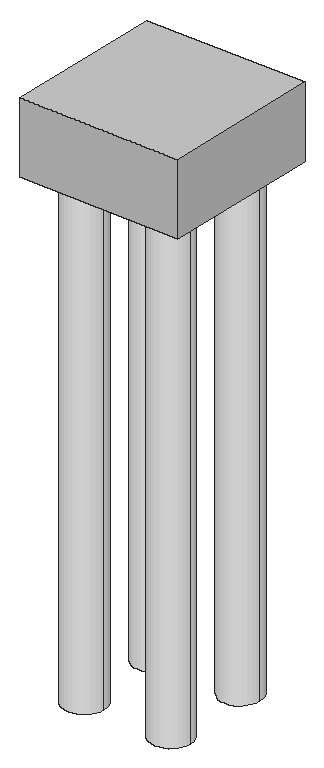
Revit family
Parameters (values of type "2000 x 2000 x 900mm")
  Width = 2000 mm
  Thickness = 900 mm
  파일 유형 = M_파일-스틸 파이프 : 500mm 지름
  Length = 2000 mm
  기초 재료 [instance] = 콘크리트 - 현장타설 콘크리트
  절단 = 150 mm
  간격 = 450 mm
  Assembly Code = "A1010130"
Reference planes
  plane 1 "중심(앞/뒤)": y = 0
  plane 2: z = 0
  plane 3 "중심(왼쪽/오른쪽)": x = 0
  plane 4: x = -1000
  plane 5: x = 1000
  plane 6: y = 1000
  plane 7: y = -1000
  plane 8: z = -900
  plane 9: x = -550
  plane 10: x = 550
  plane 11: y = 550
  plane 12: y = -550
  plane 13: z = -750
Forms (mm)
  Extrusion 1, solid, material "콘크리트 - 현장타설 콘크리트" <- "기초 재료"
    sketch origin (0, 0, 0) x (1, 0, 0) y (0, 1, 0)
      loop
        line (-1000, 1000) -> (-1000, -1000) -> (1000, -1000) -> (1000, 1000) -> (-1000, 1000)
    from -900 to 0
Dimensions and locks
  "Width": plane 4 to plane 5
  "Length": plane 6 to plane 7
  equal spacing: plane 6, plane 1 "중심(앞/뒤)", plane 7
  equal spacing: plane 4, plane 3 "중심(왼쪽/오른쪽)", plane 5
  "Thickness": plane 2 to plane 8
  "간격": plane 4 to plane 9
  "간격": plane 10 to plane 5
  "간격": plane 6 to plane 11
  "간격": plane 7 to plane 12
  "절단": plane 13 to plane 8
  aligned and locked: plane 4 to Extrusion 1 sketch curve
  aligned and locked: Extrusion 1 sketch curve to plane 5
  aligned and locked: Extrusion 1 sketch curve to plane 6
  aligned and locked: plane 7 to Extrusion 1 sketch curve
  aligned and locked: level to Extrusion 1
  aligned and locked: Extrusion 1 to plane 8
  aligned and locked: nested 4 to plane 9
  aligned and locked: plane 11 to nested 4
  aligned and locked: plane 12 to nested 1
  aligned and locked: nested 1 to plane 9
  aligned and locked: plane 10 to nested 2
  aligned and locked: plane 12 to nested 2
  aligned and locked: plane 11 to nested 3
  aligned and locked: plane 10 to nested 3
  aligned and locked: nested 1 to plane 13
  aligned and locked: plane 13 to nested 4
  aligned and locked: nested 3 to plane 13
  aligned and locked: plane 13 to nested 2
Nested families
  nested 1: "M_파일-스틸 파이프" at (-550, -550, -900), type <- "파일 유형", type "500mm 지름"
    with 파일 재료 금속 - 스틸 - 345 MPa
  nested 2: "M_파일-스틸 파이프" at (550, -550, -900), type <- "파일 유형", type "500mm 지름"
    with 파일 재료 금속 - 스틸 - 345 MPa
  nested 3: "M_파일-스틸 파이프" at (550, 550, -900), type <- "파일 유형", type "500mm 지름"
    with 파일 재료 금속 - 스틸 - 345 MPa
  nested 4: "M_파일-스틸 파이프" at (-550, 550, -900), type <- "파일 유형", type "500mm 지름"
    with 파일 재료 금속 - 스틸 - 345 MPa
Definition of nested family "M_파일-스틸 파이프"
  Parameters (values of type "500mm 지름")
    반지름 = Diameter / 2  # 250 mm
    최소 내포 = 150 mm
    파일 재료 [instance] = 금속 - 스틸 - 345 MPa
    Diameter = 500 mm
    Depth = 6000 mm
    Assembly Code = "A1020130"
  Reference planes
    plane 1 "중심(앞/뒤)": y = 0
    plane 2: z = 0
    plane 3 "중심(왼쪽/오른쪽)": x = 0
    plane 4: z = -6000
    plane 5: z = 150
  Forms (mm)
    Extrusion 1, solid, material "금속 - 스틸 - 345 MPa" <- "파일 재료"
      sketch origin (0, 0, 0) x (1, 0, 0) y (0, 1, 0)
        loop
          circle (0, 0) r 250
      from -6000 to 150
  Dimensions and locks
    "Depth": plane 2 to plane 4
    "최소 내포": plane 5 to plane 2
    "반지름": radius of Extrusion 1 sketch curve
    aligned and locked: Extrusion 1 to plane 4
    aligned and locked: Extrusion 1 to plane 5
  Automatic sketch dimensions
    Extrusion 1 sketch curve to plane 1 "중심(앞/뒤)" = 0 mm
    Extrusion 1 sketch curve to plane 3 "중심(왼쪽/오른쪽)" = 0 mm
